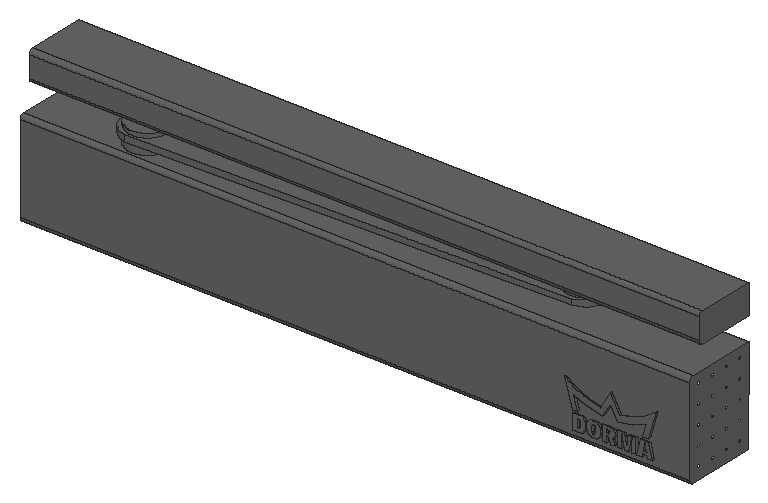
Revit family "DORMA TS 97", category Specialty Equipment, Revit 2012
Parameters (values of type "TS 97")
  URL = "http://www.dorma-uk.co.uk/prod/door_controls/1_door_closers/1_cam_action_closers_with_slide_channel/ts93/(code)/product_overview/(parent)/21785"
  Model = "TS 97"
  Manufacturer = "DORMA"
  Description = "DORMA TS 97 Door closer"
  BTS 80 width = 105.137 mm
  BTS 80 length = 358.068 mm
  BTS 75 width = 105.137 mm
  BTS 75 Length = 308.068 mm
Types (6, lengths in mm): name | Model | Description
  (no name) | "TS 97" | "DORMA TS 97 Door closer"
  BTS 75 | "TS 93 EN 2-5" | "DORMA TS 93 Door closer"
  TS 93 | "TS 91 EN 3" | "DORMA TS 91 Door closer"
  TS 91 | "TS 92 EN 2-4" | "DORMA TS 92 Door closer"
  TS 92 | "TS 92 EN 2-4" | "DORMA TS 92 Door closer"
  TS 97 | "TS 97" | "DORMA TS 97 Door closer"
Reference planes
  plane 1 "Center (Front/Back)": y = 0
  plane 2: z = 0
  plane 3 "Center (Left/Right)": x = 0
Forms (mm)
  Revolve 1, solid, not visible
    sketch origin (347.927, 78.454, 51.25) x (-1, 0, 0) y (0, -1, 0)
      loop
        arc (347.751, 32.807) -> (348.166, 33.221) -> (347.751, 33.636) r 0.415
        line (347.751, 33.636) -> (347.751, 32.807)
      axis (347.751, 32.807) -> (347.751, 33.807)
    angle from 0 to 360
  Sweep 2, solid, material "Door Closer"
    path origin (-65, -53, -24) x (1, 0, 0) y (0, 1, 0)
      loop
        line (65, 53) -> (405, 53)
    profile origin (170, 0, -24) x (0, 1, 0) y (0, 0, 1)
      loop
        line (0, 100) -> (-28.954, 100)
        arc (-28.954, 100) -> (-30.401, 99.401) -> (-31, 97.954) r 2.046
        line (-31, 97.954) -> (-31, 87.001)
        arc (-31, 87.001) -> (-30.414, 85.586) -> (-28.999, 85) r 2.001
        line (-28.999, 85) -> (0, 85) -> (0, 100)
  Extrusion 3, solid, material "Door Closer"
    sketch origin (467.887, 28.75, 152.543) x (0, 0, -1) y (1, 0, 0)
      loop
        line (124.578, -190.96) -> (138.402, -187.017) -> (138.402, -184.12) -> (131.626, -186.063)
        arc (131.626, -186.063) -> (134.035, -180.357) -> (135.537, -174.348) r 40.09
        arc (135.537, -174.348) -> (135.76, -172.856) -> (135.927, -171.357) r 40.09
        line (135.927, -171.357) -> (129.53, -167.663) -> (135.927, -163.97)
        arc (135.927, -163.97) -> (134.486, -156.41) -> (131.626, -149.264) r 40.09
        line (131.626, -149.264) -> (138.402, -151.207) -> (138.402, -148.31) -> (124.578, -144.367)
        arc (124.578, -144.367) -> (129.83, -152.999) -> (132.541, -162.732) r 36.864
        line (132.541, -162.732) -> (124, -167.663) -> (132.541, -172.595)
        arc (132.541, -172.595) -> (129.83, -182.328) -> (124.578, -190.96) r 36.864
      loop
        line (139.784, -148.053) -> (139.784, -152.343) -> (147.461, -154.149) -> (147.461, -151.44) -> (146.106, -151.196) -> (146.106, -149.2) -> (147.461, -148.956) -> (147.461, -146.247) -> (139.784, -148.053)
      loop
        line (144.752, -150.952) -> (144.752, -149.444) -> (140.562, -150.198) -> (144.752, -150.952)
      loop
        line (139.784, -154.601) -> (139.784, -158.214) -> (144.916, -159.343) -> (139.784, -160.472) -> (139.784, -164.084) -> (147.461, -164.084) -> (147.461, -161.826) -> (140.79, -161.826) -> (147.461, -160.359) -> (147.461, -158.327) -> (140.79, -156.859) -> (147.461, -156.859) -> (147.461, -154.601) -> (139.784, -154.601)
      loop
        arc (144.227, -166.676) -> (141.755, -165.006) -> (139.784, -167.245) r 2.258
        line (139.784, -167.245) -> (139.784, -171.761) -> (147.461, -171.761) -> (147.461, -169.503) -> (144.453, -169.503) -> (144.453, -168.674) -> (147.461, -167.471) -> (147.461, -164.987) -> (144.227, -166.676)
      loop
        line (142.889, -169.503) -> (142.889, -168.462)
        arc (142.889, -168.462) -> (142.634, -167.894) -> (142.042, -167.701) r 0.768
        arc (142.042, -167.701) -> (141.449, -167.894) -> (141.195, -168.465) r 0.768
        line (141.195, -168.465) -> (141.195, -169.503) -> (142.889, -169.503)
      loop
        arc (142.494, -172.664) -> (140.578, -173.457) -> (139.784, -175.372) r 2.71
        line (139.784, -175.372) -> (139.784, -176.725)
        arc (139.784, -176.725) -> (140.577, -178.643) -> (142.494, -179.438) r 2.71
        line (142.494, -179.438) -> (144.752, -179.438)
        arc (144.752, -179.438) -> (146.668, -178.645) -> (147.461, -176.729) r 2.71
        line (147.461, -176.729) -> (147.461, -175.374)
        arc (147.461, -175.374) -> (146.668, -173.458) -> (144.752, -172.664) r 2.709
        line (144.752, -172.664) -> (142.494, -172.664)
      loop
        arc (142.133, -175.205) -> (141.563, -175.458) -> (141.369, -176.051) r 0.768
        arc (141.369, -176.051) -> (141.563, -176.645) -> (142.133, -176.898) r 0.768
        line (142.133, -176.898) -> (145.112, -176.898)
        arc (145.112, -176.898) -> (145.683, -176.645) -> (145.876, -176.051) r 0.768
        arc (145.876, -176.051) -> (145.681, -175.456) -> (145.106, -175.205) r 0.768
        line (145.106, -175.205) -> (142.133, -175.205)
      loop
        line (147.461, -186.889) -> (147.461, -182.825)
        arc (147.461, -182.825) -> (146.734, -181.069) -> (144.977, -180.341) r 2.484
        line (144.977, -180.341) -> (142.27, -180.341)
        arc (142.27, -180.341) -> (140.511, -181.07) -> (139.784, -182.829) r 2.484
        line (139.784, -182.829) -> (139.784, -186.889) -> (147.461, -186.889)
      loop
        arc (141.931, -182.825) -> (141.531, -182.991) -> (141.365, -183.391) r 0.566
        line (141.365, -183.391) -> (141.365, -184.406) -> (145.881, -184.406) -> (145.881, -183.425)
        arc (145.881, -183.425) -> (145.705, -183.001) -> (145.28, -182.825) r 0.6
        line (145.28, -182.825) -> (141.931, -182.825)
    from 65 to 66.5
  Sweep 4, solid, material "Door Closer"
    path origin (0, -47, 0) x (1, 0, 0) y (0, 1, 0)
      loop
        line (0, 53) -> (340, 53)
    profile origin (170, 6, 0) x (0, 1, 0) y (0, 0, 1)
      loop
        line (-6, 0) -> (-6, 49) -> (-40.847, 49)
        arc (-40.847, 49) -> (-42.369, 48.369) -> (-43, 46.847) r 2.153
        line (-43, 46.847) -> (-43, 2.299)
        arc (-43, 2.299) -> (-42.327, 0.673) -> (-40.701, 0) r 2.299
        line (-40.701, 0) -> (-6, 0)
  Extrusion 5, solid, material "Door Closer"
    sketch origin (-62.544, -62.368, 54) x (0.999804, 0.01978, 0) y (-0.01978, 0.999804, 0)
      loop
        arc (116.424, 49.004) -> (104.639, 37.914) -> (114.614, 25.172) r 12
        line (114.614, 25.172) -> (335.484, 28.501)
        arc (335.484, 28.501) -> (345.07, 41.538) -> (332.956, 52.268) r 12
        line (332.956, 52.268) -> (116.424, 49.004)
    from 0 to 3
  Extrusion 6, solid, material "Door Closer"
    sketch origin (-38.417, -53, -16) x (1, 0, 0) y (0, 1, 0)
      loop
        circle (91.723, 29.937) r 10
    from 65 to 74.827
  Extrusion 7, solid, material "Door Closer"
    sketch origin (178.009, -45.454, -16) x (1, 0, 0) y (0, 1, 0)
      loop
        circle (91.723, 29.937) r 10
    from 68.994 to 77
  Revolve 8, solid
    sketch origin (347.719, 36.134, 44.375) x (-1, 0, 0) y (0, -1, 0)
      loop
        arc (347.751, 67.807) -> (348.166, 68.221) -> (347.751, 68.636) r 0.415
        line (347.751, 68.636) -> (347.751, 67.807)
      axis (347.751, 67.807) -> (347.751, 68.807)
    angle from 0 to 360
  Revolve 9, solid
    sketch origin (347.719, 9.884, 44.375) x (-1, 0, 0) y (0, -1, 0)
      loop
        arc (347.751, 15.307) -> (348.166, 15.721) -> (347.751, 16.136) r 0.415
        line (347.751, 16.136) -> (347.751, 15.307)
      axis (347.751, 15.307) -> (347.751, 16.307)
    angle from 0 to 360
  Revolve 10, solid
    sketch origin (347.719, 27.384, 44.375) x (-1, 0, 0) y (0, -1, 0)
      loop
        arc (347.751, 50.307) -> (348.166, 50.721) -> (347.751, 51.136) r 0.415
        line (347.751, 51.136) -> (347.751, 50.307)
      axis (347.751, 50.307) -> (347.751, 51.307)
    angle from 0 to 360
  Revolve 11, solid
    sketch origin (347.719, 18.634, 44.375) x (-1, 0, 0) y (0, -1, 0)
      loop
        arc (347.751, 32.807) -> (348.166, 33.221) -> (347.751, 33.636) r 0.415
        line (347.751, 33.636) -> (347.751, 32.807)
      axis (347.751, 32.807) -> (347.751, 33.807)
    angle from 0 to 360
  Revolve 12, solid
    sketch origin (347.719, 36.134, 6.607) x (-1, 0, 0) y (0, -1, 0)
      loop
        arc (347.751, 67.807) -> (348.166, 68.221) -> (347.751, 68.636) r 0.415
        line (347.751, 68.636) -> (347.751, 67.807)
      axis (347.751, 67.807) -> (347.751, 68.807)
    angle from 0 to 360
  Revolve 13, solid
    sketch origin (347.719, 9.884, 6.607) x (-1, 0, 0) y (0, -1, 0)
      loop
        arc (347.751, 15.307) -> (348.166, 15.721) -> (347.751, 16.136) r 0.415
        line (347.751, 16.136) -> (347.751, 15.307)
      axis (347.751, 15.307) -> (347.751, 16.307)
    angle from 0 to 360
  Revolve 14, solid
    sketch origin (347.719, 27.384, 6.607) x (-1, 0, 0) y (0, -1, 0)
      loop
        arc (347.751, 50.307) -> (348.166, 50.721) -> (347.751, 51.136) r 0.415
        line (347.751, 51.136) -> (347.751, 50.307)
      axis (347.751, 50.307) -> (347.751, 51.307)
    angle from 0 to 360
  Revolve 15, solid
    sketch origin (347.719, 18.634, 6.607) x (-1, 0, 0) y (0, -1, 0)
      loop
        arc (347.751, 32.807) -> (348.166, 33.221) -> (347.751, 33.636) r 0.415
        line (347.751, 33.636) -> (347.751, 32.807)
      axis (347.751, 32.807) -> (347.751, 33.807)
    angle from 0 to 360
  Revolve 16, solid
    sketch origin (347.719, 36.134, 34.933) x (-1, 0, 0) y (0, -1, 0)
      loop
        arc (347.751, 67.807) -> (348.166, 68.221) -> (347.751, 68.636) r 0.415
        line (347.751, 68.636) -> (347.751, 67.807)
      axis (347.751, 67.807) -> (347.751, 68.807)
    angle from 0 to 360
  Revolve 17, solid
    sketch origin (347.719, 9.884, 34.933) x (-1, 0, 0) y (0, -1, 0)
      loop
        arc (347.751, 15.307) -> (348.166, 15.721) -> (347.751, 16.136) r 0.415
        line (347.751, 16.136) -> (347.751, 15.307)
      axis (347.751, 15.307) -> (347.751, 16.307)
    angle from 0 to 360
  Revolve 18, solid
    sketch origin (347.719, 27.384, 34.933) x (-1, 0, 0) y (0, -1, 0)
      loop
        arc (347.751, 50.307) -> (348.166, 50.721) -> (347.751, 51.136) r 0.415
        line (347.751, 51.136) -> (347.751, 50.307)
      axis (347.751, 50.307) -> (347.751, 51.307)
    angle from 0 to 360
  Revolve 19, solid
    sketch origin (347.719, 18.634, 34.933) x (-1, 0, 0) y (0, -1, 0)
      loop
        arc (347.751, 32.807) -> (348.166, 33.221) -> (347.751, 33.636) r 0.415
        line (347.751, 33.636) -> (347.751, 32.807)
      axis (347.751, 32.807) -> (347.751, 33.807)
    angle from 0 to 360
  Revolve 20, solid
    sketch origin (347.719, 36.134, 25.491) x (-1, 0, 0) y (0, -1, 0)
      loop
        arc (347.751, 67.807) -> (348.166, 68.221) -> (347.751, 68.636) r 0.415
        line (347.751, 68.636) -> (347.751, 67.807)
      axis (347.751, 67.807) -> (347.751, 68.807)
    angle from 0 to 360
  Revolve 21, solid
    sketch origin (347.719, 9.884, 25.491) x (-1, 0, 0) y (0, -1, 0)
      loop
        arc (347.751, 15.307) -> (348.166, 15.721) -> (347.751, 16.136) r 0.415
        line (347.751, 16.136) -> (347.751, 15.307)
      axis (347.751, 15.307) -> (347.751, 16.307)
    angle from 0 to 360
  Revolve 22, solid
    sketch origin (347.719, 27.384, 25.491) x (-1, 0, 0) y (0, -1, 0)
      loop
        arc (347.751, 50.307) -> (348.166, 50.721) -> (347.751, 51.136) r 0.415
        line (347.751, 51.136) -> (347.751, 50.307)
      axis (347.751, 50.307) -> (347.751, 51.307)
    angle from 0 to 360
  Revolve 23, solid
    sketch origin (347.719, 18.634, 25.491) x (-1, 0, 0) y (0, -1, 0)
      loop
        arc (347.751, 32.807) -> (348.166, 33.221) -> (347.751, 33.636) r 0.415
        line (347.751, 33.636) -> (347.751, 32.807)
      axis (347.751, 32.807) -> (347.751, 33.807)
    angle from 0 to 360
  Revolve 24, solid
    sketch origin (-7.719, -142.134, 16.049) x (1, 0, 0) y (0, 1, 0)
      loop
        arc (7.688, 110.462) -> (7.273, 110.047) -> (7.688, 109.633) r 0.415
        line (7.688, 109.633) -> (7.688, 110.462)
      axis (7.688, 110.462) -> (7.688, 109.462)
    angle from 0 to 360
  Revolve 25, solid
    sketch origin (-7.719, -115.884, 16.049) x (1, 0, 0) y (0, 1, 0)
      loop
        arc (7.688, 110.462) -> (7.273, 110.047) -> (7.688, 109.633) r 0.415
        line (7.688, 109.633) -> (7.688, 110.462)
      axis (7.688, 110.462) -> (7.688, 109.462)
    angle from 0 to 360
  Revolve 26, solid
    sketch origin (-7.719, -133.384, 16.049) x (1, 0, 0) y (0, 1, 0)
      loop
        arc (7.688, 110.462) -> (7.273, 110.047) -> (7.688, 109.633) r 0.415
        line (7.688, 109.633) -> (7.688, 110.462)
      axis (7.688, 110.462) -> (7.688, 109.462)
    angle from 0 to 360
  Revolve 27, solid
    sketch origin (-7.719, -124.634, 16.049) x (1, 0, 0) y (0, 1, 0)
      loop
        arc (7.688, 110.462) -> (7.273, 110.047) -> (7.688, 109.633) r 0.415
        line (7.688, 109.633) -> (7.688, 110.462)
      axis (7.688, 110.462) -> (7.688, 109.462)
    angle from 0 to 360
  Revolve 28, solid
    sketch origin (-7.719, -142.134, 44.375) x (1, 0, 0) y (0, 1, 0)
      loop
        line (347.751, 110.462) -> (347.751, 109.633)
        arc (347.751, 109.633) -> (348.166, 110.047) -> (347.751, 110.462) r 0.415
      axis (347.751, 110.462) -> (347.751, 109.462)
    angle from 0 to 360
  Revolve 29, solid
    sketch origin (-7.719, -115.884, 44.375) x (1, 0, 0) y (0, 1, 0)
      loop
        line (347.751, 110.462) -> (347.751, 109.633)
        arc (347.751, 109.633) -> (348.166, 110.047) -> (347.751, 110.462) r 0.415
      axis (347.751, 110.462) -> (347.751, 109.462)
    angle from 0 to 360
  Revolve 30, solid
    sketch origin (-7.719, -133.384, 44.375) x (1, 0, 0) y (0, 1, 0)
      loop
        line (347.751, 110.462) -> (347.751, 109.633)
        arc (347.751, 109.633) -> (348.166, 110.047) -> (347.751, 110.462) r 0.415
      axis (347.751, 110.462) -> (347.751, 109.462)
    angle from 0 to 360
  Revolve 31, solid
    sketch origin (-7.719, -124.634, 44.375) x (1, 0, 0) y (0, 1, 0)
      loop
        line (347.751, 110.462) -> (347.751, 109.633)
        arc (347.751, 109.633) -> (348.166, 110.047) -> (347.751, 110.462) r 0.415
      axis (347.751, 110.462) -> (347.751, 109.462)
    angle from 0 to 360
  Revolve 32, solid
    sketch origin (-7.719, -142.134, 6.607) x (1, 0, 0) y (0, 1, 0)
      loop
        line (347.751, 110.462) -> (347.751, 109.633)
        arc (347.751, 109.633) -> (348.166, 110.047) -> (347.751, 110.462) r 0.415
      axis (347.751, 110.462) -> (347.751, 109.462)
    angle from 0 to 360
  Revolve 33, solid
    sketch origin (-7.719, -115.884, 6.607) x (1, 0, 0) y (0, 1, 0)
      loop
        line (347.751, 110.462) -> (347.751, 109.633)
        arc (347.751, 109.633) -> (348.166, 110.047) -> (347.751, 110.462) r 0.415
      axis (347.751, 110.462) -> (347.751, 109.462)
    angle from 0 to 360
  Revolve 34, solid
    sketch origin (-7.719, -133.384, 6.607) x (1, 0, 0) y (0, 1, 0)
      loop
        line (347.751, 110.462) -> (347.751, 109.633)
        arc (347.751, 109.633) -> (348.166, 110.047) -> (347.751, 110.462) r 0.415
      axis (347.751, 110.462) -> (347.751, 109.462)
    angle from 0 to 360
  Revolve 35, solid
    sketch origin (-7.719, -124.634, 6.607) x (1, 0, 0) y (0, 1, 0)
      loop
        line (347.751, 110.462) -> (347.751, 109.633)
        arc (347.751, 109.633) -> (348.166, 110.047) -> (347.751, 110.462) r 0.415
      axis (347.751, 110.462) -> (347.751, 109.462)
    angle from 0 to 360
  Revolve 36, solid
    sketch origin (-7.719, -142.134, 34.933) x (1, 0, 0) y (0, 1, 0)
      loop
        line (347.751, 110.462) -> (347.751, 109.633)
        arc (347.751, 109.633) -> (348.166, 110.047) -> (347.751, 110.462) r 0.415
      axis (347.751, 110.462) -> (347.751, 109.462)
    angle from 0 to 360
  Revolve 37, solid
    sketch origin (-7.719, -115.884, 34.933) x (1, 0, 0) y (0, 1, 0)
      loop
        line (347.751, 110.462) -> (347.751, 109.633)
        arc (347.751, 109.633) -> (348.166, 110.047) -> (347.751, 110.462) r 0.415
      axis (347.751, 110.462) -> (347.751, 109.462)
    angle from 0 to 360
  Revolve 38, solid
    sketch origin (-7.719, -133.384, 34.933) x (1, 0, 0) y (0, 1, 0)
      loop
        line (347.751, 110.462) -> (347.751, 109.633)
        arc (347.751, 109.633) -> (348.166, 110.047) -> (347.751, 110.462) r 0.415
      axis (347.751, 110.462) -> (347.751, 109.462)
    angle from 0 to 360
  Revolve 39, solid
    sketch origin (-7.719, -124.634, 34.933) x (1, 0, 0) y (0, 1, 0)
      loop
        line (347.751, 110.462) -> (347.751, 109.633)
        arc (347.751, 109.633) -> (348.166, 110.047) -> (347.751, 110.462) r 0.415
      axis (347.751, 110.462) -> (347.751, 109.462)
    angle from 0 to 360
  Revolve 40, solid
    sketch origin (-7.719, -142.134, 25.491) x (1, 0, 0) y (0, 1, 0)
      loop
        line (347.751, 110.462) -> (347.751, 109.633)
        arc (347.751, 109.633) -> (348.166, 110.047) -> (347.751, 110.462) r 0.415
      axis (347.751, 110.462) -> (347.751, 109.462)
    angle from 0 to 360
  Revolve 41, solid
    sketch origin (-7.719, -115.884, 25.491) x (1, 0, 0) y (0, 1, 0)
      loop
        line (347.751, 110.462) -> (347.751, 109.633)
        arc (347.751, 109.633) -> (348.166, 110.047) -> (347.751, 110.462) r 0.415
      axis (347.751, 110.462) -> (347.751, 109.462)
    angle from 0 to 360
  Revolve 42, solid
    sketch origin (-7.719, -133.384, 25.491) x (1, 0, 0) y (0, 1, 0)
      loop
        line (347.751, 110.462) -> (347.751, 109.633)
        arc (347.751, 109.633) -> (348.166, 110.047) -> (347.751, 110.462) r 0.415
      axis (347.751, 110.462) -> (347.751, 109.462)
    angle from 0 to 360
  Revolve 43, solid
    sketch origin (-7.719, -124.634, 25.491) x (1, 0, 0) y (0, 1, 0)
      loop
        line (347.751, 110.462) -> (347.751, 109.633)
        arc (347.751, 109.633) -> (348.166, 110.047) -> (347.751, 110.462) r 0.415
      axis (347.751, 110.462) -> (347.751, 109.462)
    angle from 0 to 360
  Revolve 44, solid
    sketch origin (-7.719, -142.134, 16.049) x (1, 0, 0) y (0, 1, 0)
      loop
        line (347.751, 110.462) -> (347.751, 109.633)
        arc (347.751, 109.633) -> (348.166, 110.047) -> (347.751, 110.462) r 0.415
      axis (347.751, 110.462) -> (347.751, 109.462)
    angle from 0 to 360
  Revolve 45, solid
    sketch origin (-7.719, -115.884, 16.049) x (1, 0, 0) y (0, 1, 0)
      loop
        line (347.751, 110.462) -> (347.751, 109.633)
        arc (347.751, 109.633) -> (348.166, 110.047) -> (347.751, 110.462) r 0.415
      axis (347.751, 110.462) -> (347.751, 109.462)
    angle from 0 to 360
  Revolve 46, solid
    sketch origin (-7.719, -133.384, 16.049) x (1, 0, 0) y (0, 1, 0)
      loop
        line (347.751, 110.462) -> (347.751, 109.633)
        arc (347.751, 109.633) -> (348.166, 110.047) -> (347.751, 110.462) r 0.415
      axis (347.751, 110.462) -> (347.751, 109.462)
    angle from 0 to 360
  Revolve 47, solid
    sketch origin (-7.719, -124.634, 16.049) x (1, 0, 0) y (0, 1, 0)
      loop
        line (347.751, 110.462) -> (347.751, 109.633)
        arc (347.751, 109.633) -> (348.166, 110.047) -> (347.751, 110.462) r 0.415
      axis (347.751, 110.462) -> (347.751, 109.462)
    angle from 0 to 360
  Revolve 48, solid, not visible
    sketch origin (347.719, 89.134, 44.375) x (-1, 0, 0) y (0, -1, 0)
      loop
        arc (347.751, 67.807) -> (348.166, 68.221) -> (347.751, 68.636) r 0.415
        line (347.751, 68.636) -> (347.751, 67.807)
      axis (347.751, 67.807) -> (347.751, 68.807)
    angle from 0 to 360
  Revolve 49, solid, not visible
    sketch origin (347.719, 62.884, 44.375) x (-1, 0, 0) y (0, -1, 0)
      loop
        arc (347.751, 15.307) -> (348.166, 15.721) -> (347.751, 16.136) r 0.415
        line (347.751, 16.136) -> (347.751, 15.307)
      axis (347.751, 15.307) -> (347.751, 16.307)
    angle from 0 to 360
  Revolve 50, solid, not visible
    sketch origin (347.719, 80.384, 44.375) x (-1, 0, 0) y (0, -1, 0)
      loop
        arc (347.751, 50.307) -> (348.166, 50.721) -> (347.751, 51.136) r 0.415
        line (347.751, 51.136) -> (347.751, 50.307)
      axis (347.751, 50.307) -> (347.751, 51.307)
    angle from 0 to 360
  Revolve 51, solid, not visible
    sketch origin (347.719, 71.634, 44.375) x (-1, 0, 0) y (0, -1, 0)
      loop
        arc (347.751, 32.807) -> (348.166, 33.221) -> (347.751, 33.636) r 0.415
        line (347.751, 33.636) -> (347.751, 32.807)
      axis (347.751, 32.807) -> (347.751, 33.807)
    angle from 0 to 360
  Sweep 52, solid, material "Door Closer", not visible
    path origin (-65, 0, -24) x (1, 0, 0) y (0, 1, 0)
      loop
        line (65, 53) -> (405, 53)
    profile origin (170, 53, -24) x (0, 1, 0) y (0, 0, 1)
      loop
        line (0, 100) -> (-28.954, 100)
        arc (-28.954, 100) -> (-30.401, 99.401) -> (-31, 97.954) r 2.046
        line (-31, 97.954) -> (-31, 87.001)
        arc (-31, 87.001) -> (-30.414, 85.586) -> (-28.999, 85) r 2.001
        line (-28.999, 85) -> (0, 85) -> (0, 100)
  Extrusion 53, solid, material "Door Closer", not visible
    sketch origin (467.887, 81.75, 152.543) x (0, 0, -1) y (1, 0, 0)
      loop
        line (124.578, -190.96) -> (138.402, -187.017) -> (138.402, -184.12) -> (131.626, -186.063)
        arc (131.626, -186.063) -> (134.035, -180.357) -> (135.537, -174.348) r 40.09
        arc (135.537, -174.348) -> (135.76, -172.856) -> (135.927, -171.357) r 40.09
        line (135.927, -171.357) -> (129.53, -167.663) -> (135.927, -163.97)
        arc (135.927, -163.97) -> (134.486, -156.41) -> (131.626, -149.264) r 40.09
        line (131.626, -149.264) -> (138.402, -151.207) -> (138.402, -148.31) -> (124.578, -144.367)
        arc (124.578, -144.367) -> (129.83, -152.999) -> (132.541, -162.732) r 36.864
        line (132.541, -162.732) -> (124, -167.663) -> (132.541, -172.595)
        arc (132.541, -172.595) -> (129.83, -182.328) -> (124.578, -190.96) r 36.864
      loop
        line (139.784, -148.053) -> (139.784, -152.343) -> (147.461, -154.149) -> (147.461, -151.44) -> (146.106, -151.196) -> (146.106, -149.2) -> (147.461, -148.956) -> (147.461, -146.247) -> (139.784, -148.053)
      loop
        line (144.752, -150.952) -> (144.752, -149.444) -> (140.562, -150.198) -> (144.752, -150.952)
      loop
        line (139.784, -154.601) -> (139.784, -158.214) -> (144.916, -159.343) -> (139.784, -160.472) -> (139.784, -164.084) -> (147.461, -164.084) -> (147.461, -161.826) -> (140.79, -161.826) -> (147.461, -160.359) -> (147.461, -158.327) -> (140.79, -156.859) -> (147.461, -156.859) -> (147.461, -154.601) -> (139.784, -154.601)
      loop
        arc (144.227, -166.676) -> (141.755, -165.006) -> (139.784, -167.245) r 2.258
        line (139.784, -167.245) -> (139.784, -171.761) -> (147.461, -171.761) -> (147.461, -169.503) -> (144.453, -169.503) -> (144.453, -168.674) -> (147.461, -167.471) -> (147.461, -164.987) -> (144.227, -166.676)
      loop
        line (142.889, -169.503) -> (142.889, -168.462)
        arc (142.889, -168.462) -> (142.634, -167.894) -> (142.042, -167.701) r 0.768
        arc (142.042, -167.701) -> (141.449, -167.894) -> (141.195, -168.465) r 0.768
        line (141.195, -168.465) -> (141.195, -169.503) -> (142.889, -169.503)
      loop
        arc (142.494, -172.664) -> (140.578, -173.457) -> (139.784, -175.372) r 2.71
        line (139.784, -175.372) -> (139.784, -176.725)
        arc (139.784, -176.725) -> (140.577, -178.643) -> (142.494, -179.438) r 2.71
        line (142.494, -179.438) -> (144.752, -179.438)
        arc (144.752, -179.438) -> (146.668, -178.645) -> (147.461, -176.729) r 2.71
        line (147.461, -176.729) -> (147.461, -175.374)
        arc (147.461, -175.374) -> (146.668, -173.458) -> (144.752, -172.664) r 2.709
        line (144.752, -172.664) -> (142.494, -172.664)
      loop
        arc (142.133, -175.205) -> (141.563, -175.458) -> (141.369, -176.051) r 0.768
        arc (141.369, -176.051) -> (141.563, -176.645) -> (142.133, -176.898) r 0.768
        line (142.133, -176.898) -> (145.112, -176.898)
        arc (145.112, -176.898) -> (145.683, -176.645) -> (145.876, -176.051) r 0.768
        arc (145.876, -176.051) -> (145.681, -175.456) -> (145.106, -175.205) r 0.768
        line (145.106, -175.205) -> (142.133, -175.205)
      loop
        line (147.461, -186.889) -> (147.461, -182.825)
        arc (147.461, -182.825) -> (146.734, -181.069) -> (144.977, -180.341) r 2.484
        line (144.977, -180.341) -> (142.27, -180.341)
        arc (142.27, -180.341) -> (140.511, -181.07) -> (139.784, -182.829) r 2.484
        line (139.784, -182.829) -> (139.784, -186.889) -> (147.461, -186.889)
      loop
        arc (141.931, -182.825) -> (141.531, -182.991) -> (141.365, -183.391) r 0.566
        line (141.365, -183.391) -> (141.365, -184.406) -> (145.881, -184.406) -> (145.881, -183.425)
        arc (145.881, -183.425) -> (145.705, -183.001) -> (145.28, -182.825) r 0.6
        line (145.28, -182.825) -> (141.931, -182.825)
    from 65 to 66.5
  Sweep 54, solid, material "Door Closer", not visible
    path origin (0, 6, 0) x (1, 0, 0) y (0, 1, 0)
      loop
        line (0, 53) -> (340, 53)
    profile origin (170, 59, 0) x (0, 1, 0) y (0, 0, 1)
      loop
        line (-6, 0) -> (-6, 49) -> (-40.847, 49)
        arc (-40.847, 49) -> (-42.369, 48.369) -> (-43, 46.847) r 2.153
        line (-43, 46.847) -> (-43, 2.299)
        arc (-43, 2.299) -> (-42.327, 0.673) -> (-40.701, 0) r 2.299
        line (-40.701, 0) -> (-6, 0)
  Extrusion 55, solid, material "Door Closer", not visible
    sketch origin (-62.544, -9.368, 54) x (0.999804, 0.01978, 0) y (-0.01978, 0.999804, 0)
      loop
        arc (116.424, 49.004) -> (104.639, 37.914) -> (114.614, 25.172) r 12
        line (114.614, 25.172) -> (335.484, 28.501)
        arc (335.484, 28.501) -> (345.07, 41.538) -> (332.956, 52.268) r 12
        line (332.956, 52.268) -> (116.424, 49.004)
    from 0 to 3
  Extrusion 56, solid, material "Door Closer", not visible
    sketch origin (-38.417, 0, -16) x (1, 0, 0) y (0, 1, 0)
      loop
        circle (91.723, 29.937) r 10
    from 65 to 74.827
  Extrusion 57, solid, material "Door Closer", not visible
    sketch origin (178.009, 7.546, -16) x (1, 0, 0) y (0, 1, 0)
      loop
        circle (91.723, 29.937) r 10
    from 68.994 to 77
  Revolve 58, solid, not visible
    sketch origin (347.719, 89.134, 44.375) x (-1, 0, 0) y (0, -1, 0)
      loop
        arc (347.751, 67.807) -> (348.166, 68.221) -> (347.751, 68.636) r 0.415
        line (347.751, 68.636) -> (347.751, 67.807)
      axis (347.751, 67.807) -> (347.751, 68.807)
    angle from 0 to 360
  Revolve 59, solid, not visible
    sketch origin (347.719, 62.884, 44.375) x (-1, 0, 0) y (0, -1, 0)
      loop
        arc (347.751, 15.307) -> (348.166, 15.721) -> (347.751, 16.136) r 0.415
        line (347.751, 16.136) -> (347.751, 15.307)
      axis (347.751, 15.307) -> (347.751, 16.307)
    angle from 0 to 360
  Revolve 60, solid, not visible
    sketch origin (347.719, 80.384, 44.375) x (-1, 0, 0) y (0, -1, 0)
      loop
        arc (347.751, 50.307) -> (348.166, 50.721) -> (347.751, 51.136) r 0.415
        line (347.751, 51.136) -> (347.751, 50.307)
      axis (347.751, 50.307) -> (347.751, 51.307)
    angle from 0 to 360
  Revolve 61, solid, not visible
    sketch origin (347.719, 71.634, 44.375) x (-1, 0, 0) y (0, -1, 0)
      loop
        arc (347.751, 32.807) -> (348.166, 33.221) -> (347.751, 33.636) r 0.415
        line (347.751, 33.636) -> (347.751, 32.807)
      axis (347.751, 32.807) -> (347.751, 33.807)
    angle from 0 to 360
  Revolve 62, solid, not visible
    sketch origin (347.719, 89.134, 6.607) x (-1, 0, 0) y (0, -1, 0)
      loop
        arc (347.751, 67.807) -> (348.166, 68.221) -> (347.751, 68.636) r 0.415
        line (347.751, 68.636) -> (347.751, 67.807)
      axis (347.751, 67.807) -> (347.751, 68.807)
    angle from 0 to 360
  Revolve 63, solid, not visible
    sketch origin (347.719, 62.884, 6.607) x (-1, 0, 0) y (0, -1, 0)
      loop
        arc (347.751, 15.307) -> (348.166, 15.721) -> (347.751, 16.136) r 0.415
        line (347.751, 16.136) -> (347.751, 15.307)
      axis (347.751, 15.307) -> (347.751, 16.307)
    angle from 0 to 360
  Revolve 64, solid, not visible
    sketch origin (347.719, 80.384, 6.607) x (-1, 0, 0) y (0, -1, 0)
      loop
        arc (347.751, 50.307) -> (348.166, 50.721) -> (347.751, 51.136) r 0.415
        line (347.751, 51.136) -> (347.751, 50.307)
      axis (347.751, 50.307) -> (347.751, 51.307)
    angle from 0 to 360
  Revolve 65, solid, not visible
    sketch origin (347.719, 71.634, 6.607) x (-1, 0, 0) y (0, -1, 0)
      loop
        arc (347.751, 32.807) -> (348.166, 33.221) -> (347.751, 33.636) r 0.415
        line (347.751, 33.636) -> (347.751, 32.807)
      axis (347.751, 32.807) -> (347.751, 33.807)
    angle from 0 to 360
  Revolve 66, solid, not visible
    sketch origin (347.719, 89.134, 34.933) x (-1, 0, 0) y (0, -1, 0)
      loop
        arc (347.751, 67.807) -> (348.166, 68.221) -> (347.751, 68.636) r 0.415
        line (347.751, 68.636) -> (347.751, 67.807)
      axis (347.751, 67.807) -> (347.751, 68.807)
    angle from 0 to 360
  Revolve 67, solid, not visible
    sketch origin (347.719, 62.884, 34.933) x (-1, 0, 0) y (0, -1, 0)
      loop
        arc (347.751, 15.307) -> (348.166, 15.721) -> (347.751, 16.136) r 0.415
        line (347.751, 16.136) -> (347.751, 15.307)
      axis (347.751, 15.307) -> (347.751, 16.307)
    angle from 0 to 360
  Revolve 68, solid, not visible
    sketch origin (347.719, 80.384, 34.933) x (-1, 0, 0) y (0, -1, 0)
      loop
        arc (347.751, 50.307) -> (348.166, 50.721) -> (347.751, 51.136) r 0.415
        line (347.751, 51.136) -> (347.751, 50.307)
      axis (347.751, 50.307) -> (347.751, 51.307)
    angle from 0 to 360
  Revolve 69, solid, not visible
    sketch origin (347.719, 71.634, 34.933) x (-1, 0, 0) y (0, -1, 0)
      loop
        arc (347.751, 32.807) -> (348.166, 33.221) -> (347.751, 33.636) r 0.415
        line (347.751, 33.636) -> (347.751, 32.807)
      axis (347.751, 32.807) -> (347.751, 33.807)
    angle from 0 to 360
  Revolve 70, solid, not visible
    sketch origin (347.719, 89.134, 25.491) x (-1, 0, 0) y (0, -1, 0)
      loop
        arc (347.751, 67.807) -> (348.166, 68.221) -> (347.751, 68.636) r 0.415
        line (347.751, 68.636) -> (347.751, 67.807)
      axis (347.751, 67.807) -> (347.751, 68.807)
    angle from 0 to 360
  Revolve 71, solid, not visible
    sketch origin (347.719, 62.884, 25.491) x (-1, 0, 0) y (0, -1, 0)
      loop
        arc (347.751, 15.307) -> (348.166, 15.721) -> (347.751, 16.136) r 0.415
        line (347.751, 16.136) -> (347.751, 15.307)
      axis (347.751, 15.307) -> (347.751, 16.307)
    angle from 0 to 360
  Revolve 72, solid, not visible
    sketch origin (347.719, 80.384, 25.491) x (-1, 0, 0) y (0, -1, 0)
      loop
        arc (347.751, 50.307) -> (348.166, 50.721) -> (347.751, 51.136) r 0.415
        line (347.751, 51.136) -> (347.751, 50.307)
      axis (347.751, 50.307) -> (347.751, 51.307)
    angle from 0 to 360
  Revolve 73, solid, not visible
    sketch origin (347.719, 71.634, 25.491) x (-1, 0, 0) y (0, -1, 0)
      loop
        arc (347.751, 32.807) -> (348.166, 33.221) -> (347.751, 33.636) r 0.415
        line (347.751, 33.636) -> (347.751, 32.807)
      axis (347.751, 32.807) -> (347.751, 33.807)
    angle from 0 to 360
  Revolve 74, solid, not visible
    sketch origin (-7.719, -89.134, 16.049) x (1, 0, 0) y (0, 1, 0)
      loop
        arc (7.688, 110.462) -> (7.273, 110.047) -> (7.688, 109.633) r 0.415
        line (7.688, 109.633) -> (7.688, 110.462)
      axis (7.688, 110.462) -> (7.688, 109.462)
    angle from 0 to 360
  Revolve 75, solid, not visible
    sketch origin (-7.719, -62.884, 16.049) x (1, 0, 0) y (0, 1, 0)
      loop
        arc (7.688, 110.462) -> (7.273, 110.047) -> (7.688, 109.633) r 0.415
        line (7.688, 109.633) -> (7.688, 110.462)
      axis (7.688, 110.462) -> (7.688, 109.462)
    angle from 0 to 360
  Revolve 76, solid, not visible
    sketch origin (-7.719, -80.384, 16.049) x (1, 0, 0) y (0, 1, 0)
      loop
        arc (7.688, 110.462) -> (7.273, 110.047) -> (7.688, 109.633) r 0.415
        line (7.688, 109.633) -> (7.688, 110.462)
      axis (7.688, 110.462) -> (7.688, 109.462)
    angle from 0 to 360
  Revolve 77, solid, not visible
    sketch origin (-7.719, -71.634, 16.049) x (1, 0, 0) y (0, 1, 0)
      loop
        arc (7.688, 110.462) -> (7.273, 110.047) -> (7.688, 109.633) r 0.415
        line (7.688, 109.633) -> (7.688, 110.462)
      axis (7.688, 110.462) -> (7.688, 109.462)
    angle from 0 to 360
  Revolve 78, solid, not visible
    sketch origin (-7.719, -89.134, 44.375) x (1, 0, 0) y (0, 1, 0)
      loop
        line (347.751, 110.462) -> (347.751, 109.633)
        arc (347.751, 109.633) -> (348.166, 110.047) -> (347.751, 110.462) r 0.415
      axis (347.751, 110.462) -> (347.751, 109.462)
    angle from 0 to 360
  Revolve 79, solid, not visible
    sketch origin (-7.719, -62.884, 44.375) x (1, 0, 0) y (0, 1, 0)
      loop
        line (347.751, 110.462) -> (347.751, 109.633)
        arc (347.751, 109.633) -> (348.166, 110.047) -> (347.751, 110.462) r 0.415
      axis (347.751, 110.462) -> (347.751, 109.462)
    angle from 0 to 360
  Revolve 80, solid, not visible
    sketch origin (-7.719, -80.384, 44.375) x (1, 0, 0) y (0, 1, 0)
      loop
        line (347.751, 110.462) -> (347.751, 109.633)
        arc (347.751, 109.633) -> (348.166, 110.047) -> (347.751, 110.462) r 0.415
      axis (347.751, 110.462) -> (347.751, 109.462)
    angle from 0 to 360
  Revolve 81, solid, not visible
    sketch origin (-7.719, -71.634, 44.375) x (1, 0, 0) y (0, 1, 0)
      loop
        line (347.751, 110.462) -> (347.751, 109.633)
        arc (347.751, 109.633) -> (348.166, 110.047) -> (347.751, 110.462) r 0.415
      axis (347.751, 110.462) -> (347.751, 109.462)
    angle from 0 to 360
  Revolve 82, solid, not visible
    sketch origin (-7.719, -89.134, 6.607) x (1, 0, 0) y (0, 1, 0)
      loop
        line (347.751, 110.462) -> (347.751, 109.633)
        arc (347.751, 109.633) -> (348.166, 110.047) -> (347.751, 110.462) r 0.415
      axis (347.751, 110.462) -> (347.751, 109.462)
    angle from 0 to 360
  Revolve 83, solid, not visible
    sketch origin (-7.719, -62.884, 6.607) x (1, 0, 0) y (0, 1, 0)
      loop
        line (347.751, 110.462) -> (347.751, 109.633)
        arc (347.751, 109.633) -> (348.166, 110.047) -> (347.751, 110.462) r 0.415
      axis (347.751, 110.462) -> (347.751, 109.462)
    angle from 0 to 360
  Revolve 84, solid, not visible
    sketch origin (-7.719, -80.384, 6.607) x (1, 0, 0) y (0, 1, 0)
      loop
        line (347.751, 110.462) -> (347.751, 109.633)
        arc (347.751, 109.633) -> (348.166, 110.047) -> (347.751, 110.462) r 0.415
      axis (347.751, 110.462) -> (347.751, 109.462)
    angle from 0 to 360
  Revolve 85, solid, not visible
    sketch origin (-7.719, -71.634, 6.607) x (1, 0, 0) y (0, 1, 0)
      loop
        line (347.751, 110.462) -> (347.751, 109.633)
        arc (347.751, 109.633) -> (348.166, 110.047) -> (347.751, 110.462) r 0.415
      axis (347.751, 110.462) -> (347.751, 109.462)
    angle from 0 to 360
  Revolve 86, solid, not visible
    sketch origin (-7.719, -89.134, 34.933) x (1, 0, 0) y (0, 1, 0)
      loop
        line (347.751, 110.462) -> (347.751, 109.633)
        arc (347.751, 109.633) -> (348.166, 110.047) -> (347.751, 110.462) r 0.415
      axis (347.751, 110.462) -> (347.751, 109.462)
    angle from 0 to 360
  Revolve 87, solid, not visible
    sketch origin (-7.719, -62.884, 34.933) x (1, 0, 0) y (0, 1, 0)
      loop
        line (347.751, 110.462) -> (347.751, 109.633)
        arc (347.751, 109.633) -> (348.166, 110.047) -> (347.751, 110.462) r 0.415
      axis (347.751, 110.462) -> (347.751, 109.462)
    angle from 0 to 360
  Revolve 88, solid, not visible
    sketch origin (-7.719, -80.384, 34.933) x (1, 0, 0) y (0, 1, 0)
      loop
        line (347.751, 110.462) -> (347.751, 109.633)
        arc (347.751, 109.633) -> (348.166, 110.047) -> (347.751, 110.462) r 0.415
      axis (347.751, 110.462) -> (347.751, 109.462)
    angle from 0 to 360
  Revolve 89, solid, not visible
    sketch origin (-7.719, -71.634, 34.933) x (1, 0, 0) y (0, 1, 0)
      loop
        line (347.751, 110.462) -> (347.751, 109.633)
        arc (347.751, 109.633) -> (348.166, 110.047) -> (347.751, 110.462) r 0.415
      axis (347.751, 110.462) -> (347.751, 109.462)
    angle from 0 to 360
  Revolve 90, solid, not visible
    sketch origin (-7.719, -89.134, 25.491) x (1, 0, 0) y (0, 1, 0)
      loop
        line (347.751, 110.462) -> (347.751, 109.633)
        arc (347.751, 109.633) -> (348.166, 110.047) -> (347.751, 110.462) r 0.415
      axis (347.751, 110.462) -> (347.751, 109.462)
    angle from 0 to 360
  Revolve 91, solid, not visible
    sketch origin (-7.719, -62.884, 25.491) x (1, 0, 0) y (0, 1, 0)
      loop
        line (347.751, 110.462) -> (347.751, 109.633)
        arc (347.751, 109.633) -> (348.166, 110.047) -> (347.751, 110.462) r 0.415
      axis (347.751, 110.462) -> (347.751, 109.462)
    angle from 0 to 360
  Revolve 92, solid, not visible
    sketch origin (-7.719, -80.384, 25.491) x (1, 0, 0) y (0, 1, 0)
      loop
        line (347.751, 110.462) -> (347.751, 109.633)
        arc (347.751, 109.633) -> (348.166, 110.047) -> (347.751, 110.462) r 0.415
      axis (347.751, 110.462) -> (347.751, 109.462)
    angle from 0 to 360
  Revolve 93, solid, not visible
    sketch origin (-7.719, -71.634, 25.491) x (1, 0, 0) y (0, 1, 0)
      loop
        line (347.751, 110.462) -> (347.751, 109.633)
        arc (347.751, 109.633) -> (348.166, 110.047) -> (347.751, 110.462) r 0.415
      axis (347.751, 110.462) -> (347.751, 109.462)
    angle from 0 to 360
  Revolve 94, solid, not visible
    sketch origin (-7.719, -89.134, 16.049) x (1, 0, 0) y (0, 1, 0)
      loop
        line (347.751, 110.462) -> (347.751, 109.633)
        arc (347.751, 109.633) -> (348.166, 110.047) -> (347.751, 110.462) r 0.415
      axis (347.751, 110.462) -> (347.751, 109.462)
    angle from 0 to 360
  Revolve 95, solid, not visible
    sketch origin (-7.719, -62.884, 16.049) x (1, 0, 0) y (0, 1, 0)
      loop
        line (347.751, 110.462) -> (347.751, 109.633)
        arc (347.751, 109.633) -> (348.166, 110.047) -> (347.751, 110.462) r 0.415
      axis (347.751, 110.462) -> (347.751, 109.462)
    angle from 0 to 360
  Revolve 96, solid, not visible
    sketch origin (-7.719, -80.384, 16.049) x (1, 0, 0) y (0, 1, 0)
      loop
        line (347.751, 110.462) -> (347.751, 109.633)
        arc (347.751, 109.633) -> (348.166, 110.047) -> (347.751, 110.462) r 0.415
      axis (347.751, 110.462) -> (347.751, 109.462)
    angle from 0 to 360
  Revolve 97, solid, not visible
    sketch origin (-7.719, -71.634, 16.049) x (1, 0, 0) y (0, 1, 0)
      loop
        line (347.751, 110.462) -> (347.751, 109.633)
        arc (347.751, 109.633) -> (348.166, 110.047) -> (347.751, 110.462) r 0.415
      axis (347.751, 110.462) -> (347.751, 109.462)
    angle from 0 to 360
Lines and regions (mm)
  symbolic lines
    curve 1: line (0, 0, 76) -> (340, 0, 76)
Dimensions and locks
  equal spacing: group 2, group 4, group 5, group 3  (x3)
  equal spacing: group 7, group 9, group 10, group 8  (x3)
  equal spacing: group 6, group 16, group 21, group 26, group 11  (x2)
  equal spacing: group 11, group 26, group 21, group 16, group 6
  equal spacing: group 12, group 14, group 15, group 13  (x3)
  equal spacing: group 17, group 19, group 20, group 18  (x3)
  equal spacing: group 22, group 24, group 25, group 23  (x3)
  equal spacing: group 27, group 29, group 30, group 28  (x3)
  equal spacing: group 32, group 34, group 35, group 33  (x3)
  equal spacing: group 37, group 39, group 40, group 38  (x3)
  equal spacing: group 42, group 44, group 45, group 43  (x3)
  equal spacing: group 47, group 49, group 50, group 48  (x3)
  equal spacing: group 53, group 55, group 56, group 54  (x3)
  equal spacing: group 58, group 60, group 61, group 59  (x3)
  equal spacing: group 63, group 65, group 66, group 64  (x3)
  equal spacing: group 62, group 72, group 77, group 82, group 67  (x2)
  equal spacing: group 67, group 82, group 77, group 72, group 62
  equal spacing: group 68, group 70, group 71, group 69  (x3)
  equal spacing: group 73, group 75, group 76, group 74  (x3)
  equal spacing: group 78, group 80, group 81, group 79  (x3)
  equal spacing: group 83, group 85, group 86, group 84  (x3)
  equal spacing: group 88, group 90, group 91, group 89  (x3)
  equal spacing: group 93, group 95, group 96, group 94  (x3)
  equal spacing: group 98, group 100, group 101, group 99  (x3)
  equal spacing: group 103, group 105, group 106, group 104  (x3)
  aligned and locked: plane 2 to level
